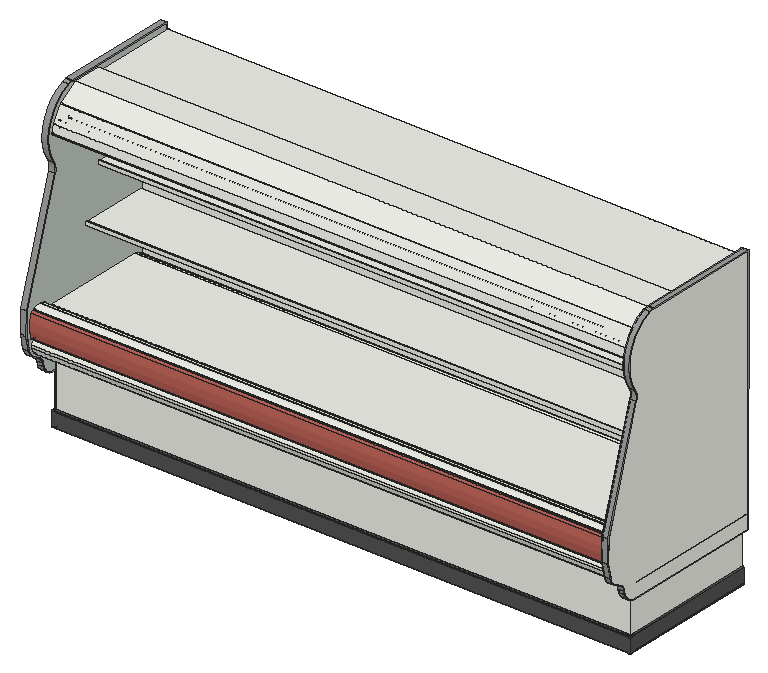
Revit family "IM3SL_2014", category Specialty Equipment, Revit 2014 (continued)
Automatic sketch dimensions
  plane 5 "Front" to Extrusion 11 sketch curve = 13.99064"
  Extrusion 11 sketch curve to Extrusion 11 sketch curve = 2.86001"
  Extrusion 11 sketch curve to plane 1 "Back" = 0.00022"
  Extrusion 11 sketch curve to Extrusion 11 sketch curve = 6.93315"
  Extrusion 11 sketch curve to Extrusion 11 sketch curve = 0.91726"
  Extrusion 11 sketch curve to Extrusion 11 sketch curve = 5.58401"
  Extrusion 11 sketch curve to Extrusion 11 sketch curve = 3.08725"
  Extrusion 11 sketch curve to Extrusion 11 sketch curve = 0.67817"
  Extrusion 11 sketch curve to Extrusion 11 sketch curve = 0.65923"
  Extrusion 11 sketch curve to Extrusion 11 sketch curve = 1.88555"
  Extrusion 11 sketch curve to Extrusion 11 sketch curve = 0.17314"
  Extrusion 11 sketch curve to Extrusion 11 sketch curve = 0.94959"
  Extrusion 11 sketch curve to Extrusion 11 sketch curve = 0.04799"  (x2)
  Extrusion 11 sketch curve to plane 3 "Top" = 0.19127"
  Extrusion 11 sketch curve to Extrusion 11 sketch curve = 0"
  Extrusion 12 sketch curve to level = 0"
  level to Extrusion 12 sketch curve = 0.05694"  (x2)
  Extrusion 12 sketch curve to Extrusion 12 sketch curve = 0.01499"
  Extrusion 12 sketch curve to Extrusion 12 sketch curve = 0.015"  (x6)
  Extrusion 12 sketch curve to Extrusion 12 sketch curve = 0.3059"  (x2)
  Extrusion 12 sketch curve to Extrusion 12 sketch curve = 0"  (x4)
  plane 1 "Back" to Extrusion 12 sketch curve = 0.90695"
  Extrusion 12 sketch curve to Extrusion 12 sketch curve = 2.24331"
  Extrusion 12 sketch curve to Extrusion 12 sketch curve = 0.30587"
  plane 1 "Back" to Extrusion 12 sketch curve = 2.18755"
  Extrusion 12 sketch curve to Extrusion 12 sketch curve = 0.05699"  (x3)
  plane 1 "Back" to Extrusion 12 sketch curve = 0.92196"
  plane 1 "Back" to Extrusion 12 sketch curve = 0.9069"
  Extrusion 12 sketch curve to Extrusion 12 sketch curve = 0.01326"
  Extrusion 12 sketch curve to Extrusion 12 sketch curve = 0.01232"
  level to Sweep 13 sketch curve = 12.75926"
  Sweep 13 sketch curve to Sweep 13 sketch curve = 0.04799"
  plane 5 "Front" to Sweep 13 sketch curve = 5.00006"
  Sweep 13 sketch curve to Sweep 13 sketch curve = 2.22351"
  Sweep 13 sketch curve to Sweep 13 sketch curve = 0.17314"
  Sweep 13 sketch curve to Sweep 13 sketch curve = 0.77644"
  plane 5 "Front" to Sweep 13 sketch curve = 4.74561"
  Sweep 13 sketch curve to Sweep 13 sketch curve = 0.94959"
  plane 5 "Front" to Sweep 13 sketch curve = 3.23118"
  Sweep 13 sketch curve to Sweep 13 sketch curve = 1.88555"
  plane 5 "Front" to Sweep 13 sketch curve = 1.96256"
  Sweep 13 sketch curve to Sweep 13 sketch curve = 0.65923"
  plane 5 "Front" to Sweep 13 sketch curve = 0.42357"
  Sweep 13 sketch curve to Sweep 13 sketch curve = 1.98382"
  Sweep 13 sketch curve to Sweep 13 sketch curve = 2.66199"
  Sweep 13 sketch curve to plane 5 "Front" = 0.45027"
  Sweep 13 sketch curve to Sweep 13 sketch curve = 3.76543"
  Sweep 13 sketch curve to plane 5 "Front" = 0.21923"
  Sweep 13 sketch curve to Sweep 13 sketch curve = 5.58401"
  Sweep 13 sketch curve to Sweep 13 sketch curve = 0.91726"
  plane 3 "Top" to Sweep 13 sketch curve = 9.74184"
  plane 3 "Top" to Sweep 13 sketch curve = 2.80869"
  Sweep 13 sketch curve to plane 3 "Top" = 0.19127"
  Sweep 13 sketch curve to plane 1 "Back" = 0.00022"
  Sweep 13 sketch curve to plane 3 "Top" = 0.23926"
  plane 5 "Front" to Sweep 13 sketch curve = 16.85065"
  Sweep 13 sketch curve to Sweep 13 sketch curve = 2.86001"
  plane 5 "Front" to Sweep 13 sketch curve = 8.51193"
  Sweep 13 sketch curve to Sweep 13 sketch curve = 2.85628"
  Sweep 13 sketch curve to Sweep 13 sketch curve = 0"
  Sweep 13 sketch curve to profile plane = 0"
  Sweep 13 sketch curve to profile plane = 1/16"
  Sweep 14 sketch curve to plane 5 "Front" = 0.45027"
  Sweep 14 sketch curve to plane 5 "Front" = 0.21923"
  plane 5 "Front" to Sweep 14 sketch curve = 0.42357"
  plane 5 "Front" to Sweep 14 sketch curve = 1.84788"
  plane 5 "Front" to Sweep 14 sketch curve = 1.96256"
  Sweep 14 sketch curve to Sweep 14 sketch curve = 1.26861"
  Sweep 14 sketch curve to Sweep 14 sketch curve = 1.3833"
  Sweep 14 sketch curve to Sweep 14 sketch curve = 1.51444"
  Sweep 14 sketch curve to Sweep 14 sketch curve = 0.25444"
  plane 5 "Front" to Sweep 14 sketch curve = 5.65565"
  Sweep 14 sketch curve to Sweep 14 sketch curve = 2.89773"
  Sweep 14 sketch curve to Sweep 14 sketch curve = 2.85628"
  plane 3 "Top" to Sweep 14 sketch curve = 2.80869"
  plane 5 "Front" to Sweep 14 sketch curve = 13.99064"
  Sweep 14 sketch curve to Sweep 14 sketch curve = 2.86001"
  Sweep 14 sketch curve to plane 1 "Back" = 0.00022"
  Sweep 14 sketch curve to Sweep 14 sketch curve = 6.93315"
  Sweep 14 sketch curve to Sweep 14 sketch curve = 0.91726"
  Sweep 14 sketch curve to Sweep 14 sketch curve = 5.58401"
  Sweep 14 sketch curve to Sweep 14 sketch curve = 3.08725"
  Sweep 14 sketch curve to Sweep 14 sketch curve = 0.67817"
  Sweep 14 sketch curve to Sweep 14 sketch curve = 0.65923"
  Sweep 14 sketch curve to Sweep 14 sketch curve = 1.88555"
  Sweep 14 sketch curve to Sweep 14 sketch curve = 0.17314"
  Sweep 14 sketch curve to Sweep 14 sketch curve = 0.94959"
  level to Sweep 14 sketch curve = 12.75926"
  Sweep 14 sketch curve to plane 3 "Top" = 0.19127"
  Sweep 14 sketch curve to plane 3 "Top" = 0.23926"
  Sweep 14 sketch curve to Sweep 14 sketch curve = 0"
  Extrusion 6 sketch curve to Extrusion 6 sketch curve = 3.77695"
  Sweep 14 sketch curve to Sweep 14 sketch curve = 0.04799"
  plane 12 to Extrusion 8 sketch curve = 3.04661"
  plane 12 to Extrusion 9 sketch curve = 3.04661"
  plane 12 to Extrusion 10 sketch curve = 3.04661"
  plane 12 to Extrusion 11 sketch curve = 3.04661"
  plane 12 to Sweep 13 sketch curve = 3.04661"
  plane 12 to Sweep 14 sketch curve = 3.04661"
  Extrusion 6 sketch curve to plane 13 = 17.53757"
  Extrusion 7 sketch curve to plane 13 = 14.59392"
  Extrusion 10 sketch curve to plane 13 = 12.14162"
  Extrusion 11 sketch curve to plane 13 = 12.14162"
  curve 5 to curve 5 = 1 1/2"
  curve 7 to curve 6 = 1 1/2"
  Sweep 14 sketch curve to profile plane = 0"
  Sweep 14 sketch curve to Sweep 14 sketch curve = 1/16"
  curve 10 to plane 1 "Back" = 0"
  plane 3 "Top" to curve 9 = 1.15775"
  plane 3 "Top" to curve 13 = 9.74184"
  curve 11 to plane 3 "Top" = 0.30176"
  curve 8 to plane 1 "Back" = 0.06272"
  plane 5 "Front" to curve 12 = 6.28831"
  curve 14 to plane 3 "Top" = 0.30176"
  curve 16 to plane 3 "Top" = 0.30176"
  Sweep 15 sketch curve to plane 7 = 1 1/2"  (x2)
  Sweep 16 sketch curve to plane 4 "Left" = 0"
  plane 1 "Back" to Sweep 16 sketch curve = 0"  (x2)
  Sweep 16 sketch curve to plane 9 "Right" = 0"
  Sweep 16 sketch curve to plane 14 = 0"
  Sweep 16 sketch curve to profile plane = 0"  (x2)
  Sweep 16 sketch curve to Sweep 16 sketch curve = 0.07201"
  Sweep 16 sketch curve to Sweep 16 sketch curve = 0.02945"  (x2)
  level to Sweep 16 sketch curve = 0.04909"  (x2)
  Sweep 16 sketch curve to Sweep 16 sketch curve = 0.06856"
  Sweep 16 sketch curve to Sweep 16 sketch curve = 0.19844"
  level to Sweep 16 sketch curve = 0.00579"
  Sweep 16 sketch curve to Sweep 16 sketch curve = 0.075"
  profile plane to Sweep 16 sketch curve = 0.43901"
  Sweep 16 sketch curve to Sweep 16 sketch curve = 0.025"
  Sweep 16 sketch curve to Sweep 16 sketch curve = 2.06695"
  Sweep 16 sketch curve to Sweep 16 sketch curve = 1.552"
  Sweep 16 sketch curve to Sweep 16 sketch curve = 0.28357"
  Sweep 16 sketch curve to Sweep 16 sketch curve = 0.0404"
  Sweep 16 sketch curve to profile plane = 0.035"
  profile plane to Sweep 15 sketch curve = 0.015"
  profile plane to Sweep 15 sketch curve = 0.97797"
  Sweep 15 sketch curve to Sweep 15 sketch curve = 0.015"
  Sweep 15 sketch curve to Sweep 15 sketch curve = 0.01"
  Sweep 15 sketch curve to Sweep 15 sketch curve = 0.035"  (x2)
  Sweep 15 sketch curve to profile plane = 0.01"
  Sweep 15 sketch curve to Sweep 15 sketch curve = 0.00866"  (x2)
  Sweep 15 sketch curve to Sweep 15 sketch curve = 0.58772"
  Sweep 15 sketch curve to Sweep 15 sketch curve = 0.65813"
  level to Sweep 15 sketch curve = 3.97362"
  Sweep 15 sketch curve to Sweep 15 sketch curve = 11.30799"
  Extrusion 1 sketch curve to Extrusion 1 sketch curve = 0"  (x2)
  Extrusion 2 sketch curve to Extrusion 2 sketch curve = 0"
  Extrusion 3 sketch curve to Extrusion 3 sketch curve = 0"
  curve 2 to plane 5 "Front" = 0"
  plane 1 "Back" to curve 2 = 0"
  plane 1 "Back" to curve 1 = 0"
  Extrusion 4 sketch curve to level = 11.7566"
  plane 1 "Back" to Extrusion 4 sketch curve = 3.95541"
  level to Extrusion 4 sketch curve = 10 169/256"
  Extrusion 4 sketch curve to Extrusion 4 sketch curve = 0"  (x12)
  Extrusion 4 sketch curve to Extrusion 4 sketch curve = 0.07846"  (x2)
  Extrusion 4 sketch curve to Extrusion 4 sketch curve = 0.0915"  (x2)
  plane 1 "Back" to Extrusion 4 sketch curve = 7.3132"
  Extrusion 4 sketch curve to Extrusion 4 sketch curve = 0.11409"  (x4)
  Extrusion 4 sketch curve to Extrusion 4 sketch curve = 0.3124"  (x2)
  Extrusion 4 sketch curve to Extrusion 4 sketch curve = 2.52622"
  Extrusion 4 sketch curve to Extrusion 4 sketch curve = 2.5272"
  Extrusion 4 sketch curve to Extrusion 4 sketch curve = 0.0782"
  Extrusion 4 sketch curve to Extrusion 4 sketch curve = 0.49982"
  plane 1 "Back" to Extrusion 4 sketch curve = 2.3523"
  Extrusion 4 sketch curve to Extrusion 4 sketch curve = 0.49985"
  plane 1 "Back" to Extrusion 4 sketch curve = 2.34818"
  Extrusion 4 sketch curve to Extrusion 4 sketch curve = 0.23583"
  Extrusion 4 sketch curve to Extrusion 4 sketch curve = 0.52116"
  plane 1 "Back" to Extrusion 4 sketch curve = 2.31152"
  Extrusion 4 sketch curve to Extrusion 4 sketch curve = 0.80809"
  Extrusion 4 sketch curve to Extrusion 4 sketch curve = 0.58286"
  Extrusion 4 sketch curve to Extrusion 4 sketch curve = 0.01194"
  plane 14 to Extrusion 4 sketch curve = 8.1517"
  Extrusion 4 sketch curve to Extrusion 4 sketch curve = 0.14194"
  plane 14 to Extrusion 4 sketch curve = 0.20743"
  Extrusion 4 sketch curve to Extrusion 4 sketch curve = 1.34234"
  Extrusion 4 sketch curve to plane 14 = 1.19465"
  Extrusion 4 sketch curve to Extrusion 4 sketch curve = 0.44472"
  plane 1 "Back" to Extrusion 4 sketch curve = 0.37598"
  Extrusion 4 sketch curve to Extrusion 4 sketch curve = 1.94194"
  Extrusion 4 sketch curve to plane 14 = 1.06714"
  Extrusion 4 sketch curve to plane 1 "Back" = 0.00024"
  Extrusion 4 sketch curve to Extrusion 4 sketch curve = 0.87437"
  plane 5 "Front" to Extrusion 4 sketch curve = 1.67321"
  plane 5 "Front" to Extrusion 4 sketch curve = 1.54733"
  Extrusion 4 sketch curve to Extrusion 4 sketch curve = 0.13725"
  Extrusion 4 sketch curve to Extrusion 4 sketch curve = 0.11112"
  plane 5 "Front" to Extrusion 4 sketch curve = 0.99088"
  Extrusion 4 sketch curve to Extrusion 4 sketch curve = 1.29663"
  Extrusion 4 sketch curve to Extrusion 4 sketch curve = 0.31491"
  Extrusion 4 sketch curve to Extrusion 4 sketch curve = 0.12087"
  Extrusion 4 sketch curve to Extrusion 4 sketch curve = 1.1665"
  Extrusion 4 sketch curve to Extrusion 4 sketch curve = 0.2971"
  Extrusion 4 sketch curve to Extrusion 4 sketch curve = 0.25387"
  Extrusion 4 sketch curve to Extrusion 4 sketch curve = 0.82994"
  Extrusion 4 sketch curve to Extrusion 4 sketch curve = 0.95321"
  plane 5 "Front" to Extrusion 4 sketch curve = 1.76109"
  plane 3 "Top" to Extrusion 4 sketch curve = 9.42108"
  Extrusion 4 sketch curve to plane 14 = 0.75628"
  Extrusion 4 sketch curve to Extrusion 4 sketch curve = 0.17869"
  Extrusion 4 sketch curve to plane 14 = 0.27159"
  Extrusion 4 sketch curve to Extrusion 4 sketch curve = 0.03284"
  Extrusion 4 sketch curve to plane 14 = 0.84949"
  Extrusion 4 sketch curve to Extrusion 4 sketch curve = 0.04198"
  Extrusion 4 sketch curve to Extrusion 4 sketch curve = 0.12446"  (x2)
  Extrusion 4 sketch curve to Extrusion 4 sketch curve = 0.09161"
  Extrusion 4 sketch curve to plane 14 = 0.1356"
  Extrusion 4 sketch curve to Extrusion 4 sketch curve = 0.12504"
  Extrusion 4 sketch curve to plane 14 = 1.22494"
  Extrusion 4 sketch curve to Extrusion 4 sketch curve = 0.42434"
  Extrusion 4 sketch curve to Extrusion 4 sketch curve = 0.08247"
  Extrusion 4 sketch curve to plane 14 = 1.25324"
  Extrusion 4 sketch curve to Extrusion 4 sketch curve = 0.10943"
  plane 14 to Extrusion 4 sketch curve = 0.12486"
  Extrusion 4 sketch curve to Extrusion 4 sketch curve = 0.8113"
  plane 14 to Extrusion 4 sketch curve = 0.07378"
  Extrusion 4 sketch curve to Extrusion 4 sketch curve = 0.04661"
  Extrusion 4 sketch curve to Extrusion 4 sketch curve = 0.50849"
  plane 14 to Extrusion 4 sketch curve = 0.15919"
  Extrusion 4 sketch curve to Extrusion 4 sketch curve = 0.09358"
  plane 14 to Extrusion 4 sketch curve = 0.2735"
  Extrusion 4 sketch curve to Extrusion 4 sketch curve = 0.21955"
  Extrusion 4 sketch curve to plane 14 = 0.19675"
  plane 14 to Extrusion 4 sketch curve = 0.37988"
  Extrusion 4 sketch curve to Extrusion 4 sketch curve = 0.50364"
  plane 14 to Extrusion 4 sketch curve = 0.45801"
  Extrusion 4 sketch curve to Extrusion 4 sketch curve = 0.28136"
  Extrusion 4 sketch curve to Extrusion 4 sketch curve = 0.04755"
  Extrusion 4 sketch curve to Extrusion 4 sketch curve = 0.13868"
  Extrusion 4 sketch curve to Extrusion 4 sketch curve = 0.12387"
  plane 14 to Extrusion 4 sketch curve = 0.11245"
  Extrusion 4 sketch curve to Extrusion 4 sketch curve = 0.17661"
  Extrusion 4 sketch curve to Extrusion 4 sketch curve = 0.06247"  (x3)
  Extrusion 4 sketch curve to Extrusion 4 sketch curve = 0.16378"
  Extrusion 4 sketch curve to plane 14 = 0.8265"
  Extrusion 4 sketch curve to Extrusion 4 sketch curve = 0.04475"
  Extrusion 4 sketch curve to Extrusion 4 sketch curve = 0.21669"
  Extrusion 4 sketch curve to plane 14 = 0.80035"
  Extrusion 4 sketch curve to Extrusion 4 sketch curve = 0.0642"
  Extrusion 4 sketch curve to Extrusion 4 sketch curve = 0.24945"
  Extrusion 4 sketch curve to Extrusion 4 sketch curve = 0.27448"
  plane 14 to Extrusion 4 sketch curve = 0.50077"
  Extrusion 4 sketch curve to Extrusion 4 sketch curve = 0.00005"
  Extrusion 4 sketch curve to Extrusion 4 sketch curve = 0.12496"
  plane 3 "Top" to Extrusion 4 sketch curve = 6.10847"
  plane 3 "Top" to Extrusion 4 sketch curve = 5.96627"
  Extrusion 4 sketch curve to Extrusion 4 sketch curve = 1.20962"
  Extrusion 4 sketch curve to Extrusion 4 sketch curve = 1.00556"
  Extrusion 4 sketch curve to Extrusion 4 sketch curve = 1.77814"
  Extrusion 4 sketch curve to Extrusion 4 sketch curve = 0.01086"
  plane 14 to Extrusion 4 sketch curve = 1.52753"
  Extrusion 4 sketch curve to Extrusion 4 sketch curve = 3.28994"
  Extrusion 4 sketch curve to Extrusion 4 sketch curve = 1.16531"
  plane 14 to Extrusion 4 sketch curve = 1.35425"
  Extrusion 4 sketch curve to Extrusion 4 sketch curve = 0.11777"
  plane 14 to Extrusion 4 sketch curve = 1.55161"
  Extrusion 4 sketch curve to Extrusion 4 sketch curve = 0.52533"
  plane 1 "Back" to Extrusion 4 sketch curve = 0.10044"
  plane 3 "Top" to Extrusion 4 sketch curve = 1.25843"
  plane 3 "Top" to Extrusion 4 sketch curve = 1.22849"
  plane 3 "Top" to Extrusion 4 sketch curve = 0.12427"
  Extrusion 4 sketch curve to Extrusion 4 sketch curve = 1.10332"
  Extrusion 4 sketch curve to Extrusion 4 sketch curve = 0.35041"
  plane 1 "Back" to Extrusion 4 sketch curve = 6.51002"
  Extrusion 4 sketch curve to Extrusion 4 sketch curve = 0.02842"
  Extrusion 4 sketch curve to Extrusion 4 sketch curve = 0.12713"  (x2)
  plane 1 "Back" to Extrusion 4 sketch curve = 12.19429"
  Extrusion 4 sketch curve to Extrusion 4 sketch curve = 9.27972"
  Extrusion 4 sketch curve to Extrusion 4 sketch curve = 11.83567"
  Extrusion 4 sketch curve to Extrusion 4 sketch curve = 1.13303"
  Extrusion 4 sketch curve to Extrusion 4 sketch curve = 2.26951"
  Extrusion 4 sketch curve to Extrusion 4 sketch curve = 1.85695"
  Extrusion 4 sketch curve to Extrusion 4 sketch curve = 1.24241"
  Extrusion 4 sketch curve to Extrusion 4 sketch curve = 0.09405"
  Extrusion 4 sketch curve to Extrusion 4 sketch curve = 0.0456"
  Extrusion 4 sketch curve to Extrusion 4 sketch curve = 3.61229"
  Extrusion 4 sketch curve to Extrusion 4 sketch curve = 0.42412"
  Extrusion 4 sketch curve to Extrusion 4 sketch curve = 0.90273"
  Extrusion 4 sketch curve to Extrusion 4 sketch curve = 2.22579"
  Extrusion 4 sketch curve to Extrusion 4 sketch curve = 1.38803"
  Extrusion 4 sketch curve to Extrusion 4 sketch curve = 1.19775"
  Extrusion 4 sketch curve to Extrusion 4 sketch curve = 0.62143"
  Extrusion 4 sketch curve to Extrusion 4 sketch curve = 0.00109"
  Extrusion 4 sketch curve to Extrusion 4 sketch curve = 0.49561"
  Extrusion 4 sketch curve to Extrusion 4 sketch curve = 0.81275"
  Extrusion 4 sketch curve to Extrusion 4 sketch curve = 0.43738"
  Extrusion 4 sketch curve to Extrusion 4 sketch curve = 0.3129"
  Extrusion 4 sketch curve to Extrusion 4 sketch curve = 0.08424"
  Extrusion 4 sketch curve to Extrusion 4 sketch curve = 0.08673"
  Extrusion 4 sketch curve to Extrusion 4 sketch curve = 2.50467"
  Extrusion 4 sketch curve to Extrusion 4 sketch curve = 0.47535"
  Extrusion 4 sketch curve to Extrusion 4 sketch curve = 0.10484"
  Extrusion 4 sketch curve to Extrusion 4 sketch curve = 0.11703"
  Extrusion 4 sketch curve to Extrusion 4 sketch curve = 0.05706"
  plane 5 "Front" to Extrusion 4 sketch curve = 1.55087"
  Extrusion 4 sketch curve to Extrusion 4 sketch curve = 0.04366"
  Extrusion 4 sketch curve to Extrusion 4 sketch curve = 0.38307"
  plane 5 "Front" to Extrusion 4 sketch curve = 1.56552"
  Extrusion 4 sketch curve to Extrusion 4 sketch curve = 0.44117"
  plane 14 to Extrusion 4 sketch curve = 0.14859"
  Extrusion 4 sketch curve to Extrusion 4 sketch curve = 0.04419"
  Extrusion 4 sketch curve to Extrusion 4 sketch curve = 0.04421"
  Extrusion 4 sketch curve to Extrusion 4 sketch curve = 0.04364"
  Extrusion 4 sketch curve to Extrusion 4 sketch curve = 0.00725"
  Extrusion 4 sketch curve to Extrusion 4 sketch curve = 0.04925"
  Extrusion 4 sketch curve to Extrusion 4 sketch curve = 0.04345"
  Extrusion 4 sketch curve to Extrusion 4 sketch curve = 0.04947"
  Extrusion 4 sketch curve to Extrusion 4 sketch curve = 0.00847"
  Extrusion 4 sketch curve to Extrusion 4 sketch curve = 0.01251"
  plane 5 "Front" to Extrusion 4 sketch curve = 3.671"
  Extrusion 4 sketch curve to Extrusion 4 sketch curve = 0.07093"  (x2)
  Extrusion 4 sketch curve to Extrusion 4 sketch curve = 0.01045"  (x2)
  Extrusion 4 sketch curve to plane 14 = 4.00012"
  Extrusion 4 sketch curve to Extrusion 4 sketch curve = 0.13414"
  Extrusion 4 sketch curve to Extrusion 4 sketch curve = 0.00031"
  Extrusion 4 sketch curve to Extrusion 4 sketch curve = 0.01969"
  Extrusion 4 sketch curve to plane 14 = 3.03531"
  Extrusion 4 sketch curve to Extrusion 4 sketch curve = 0.90538"
  Extrusion 4 sketch curve to Extrusion 4 sketch curve = 0.05124"
  Extrusion 4 sketch curve to Extrusion 4 sketch curve = 0.05015"
  Extrusion 4 sketch curve to Extrusion 4 sketch curve = 0.03926"
  Extrusion 4 sketch curve to plane 14 = 2.85735"
  Extrusion 4 sketch curve to Extrusion 4 sketch curve = 0.92897"
  Extrusion 4 sketch curve to plane 14 = 2.5301"
  Extrusion 4 sketch curve to Extrusion 4 sketch curve = 0.02863"
  Extrusion 4 sketch curve to plane 14 = 1.74815"
  Extrusion 4 sketch curve to Extrusion 4 sketch curve = 0.09982"
  Extrusion 4 sketch curve to Extrusion 4 sketch curve = 0.95723"
  Extrusion 4 sketch curve to Extrusion 4 sketch curve = 1.8916"
  Extrusion 4 sketch curve to Extrusion 4 sketch curve = 4.68904"
  Extrusion 4 sketch curve to Extrusion 4 sketch curve = 0.28874"
  Extrusion 4 sketch curve to Extrusion 4 sketch curve = 0.06888"
  Extrusion 4 sketch curve to Extrusion 4 sketch curve = 0.02969"
  Extrusion 4 sketch curve to Extrusion 4 sketch curve = 1.09255"
  Extrusion 4 sketch curve to Extrusion 4 sketch curve = 0.10724"
  Extrusion 4 sketch curve to Extrusion 4 sketch curve = 0.10056"
  Extrusion 4 sketch curve to Extrusion 4 sketch curve = 0.24892"
  Extrusion 4 sketch curve to Extrusion 4 sketch curve = 0.43851"
  Extrusion 4 sketch curve to Extrusion 4 sketch curve = 131/256"
  Extrusion 4 sketch curve to Extrusion 4 sketch curve = 0.00091"
  Extrusion 4 sketch curve to Extrusion 4 sketch curve = 2.16648"
  Extrusion 4 sketch curve to Extrusion 4 sketch curve = 1.0598"
  Extrusion 4 sketch curve to Extrusion 4 sketch curve = 0.05088"
  Extrusion 4 sketch curve to Extrusion 4 sketch curve = 1.22687"
  Extrusion 4 sketch curve to Extrusion 4 sketch curve = 7.99139"
  plane 14 to Extrusion 4 sketch curve = 10.13974"
  Extrusion 4 sketch curve to Extrusion 4 sketch curve = 0.40241"
  Extrusion 4 sketch curve to Extrusion 4 sketch curve = 2.47976"
  Extrusion 4 sketch curve to Extrusion 4 sketch curve = 1.49078"
  Extrusion 5 sketch curve to Extrusion 5 sketch curve = 0.14609"
  Extrusion 5 sketch curve to Extrusion 5 sketch curve = 0.54892"
  plane 5 "Front" to Extrusion 5 sketch curve = 1.56552"
  Extrusion 5 sketch curve to Extrusion 5 sketch curve = 0.44117"
  Extrusion 5 sketch curve to Extrusion 5 sketch curve = 0.64362"
  plane 14 to Extrusion 5 sketch curve = 0.89759"
  Extrusion 5 sketch curve to Extrusion 5 sketch curve = 2.24577"
  Extrusion 5 sketch curve to plane 13 = 19.06508"
  Extrusion 5 sketch curve to Extrusion 5 sketch curve = 4.42149"
Nested families (in)
  nested 1: "Light" at (-5.05699, -24.43168, 15.62854), type "Light"
    with Length 144 1/2"
  nested 2: "Shelf" at (0, -7.808, 49.25), visible <- "Shelf", type "14""
    with Width 144 1/2", Depth 14"
  nested 3: "Shelf" at (0, -7.808, 37.25), visible <- "Shelf", type "18""
    with Width 144 1/2", Depth 18"
  nested 4: "Light" at (-5.05699, -12.19998, 1.25), visible <- "Shelf Lights", type "Light"
    with Length 144 1/2"
  nested 5: "Light" at (-5.05699, -16.19998, -10.75), visible <- "Shelf Lights", type "Light"
    with Length 144 1/2"
  nested 6: "Floor Support-IM3SL" at (-79.31656, -2.25969, 0), type "Side Skid"
  nested 7: "Floor Support-IM3SL" at (16.89844, -2.25969, 0), visible <- "12 Case", type "Mid Skid"
  nested 8: "Floor Support-IM3SL" at (60.86344, -2.25969, 0), type "Side Skid"
  nested 9: "Floor Support-IM3SL" at (-31.10156, -2.25969, 0), visible <- "12 Case", type "Mid Skid"
  nested 10: "Floor Support-IM3SL" at (-7.10156, -2.25969, 0), visible <- "8 Case", type "Mid Skid"
  nested 11: "Floor Support-IM3SL" at (-7.10156, -2.25969, 0), visible <- "6 Case", type "Mid Skid"
Connectors (in)
  piping at (-4.99449, -33.5, 0), diameter 1.25, driven by "Waste Drain"
    settings: on Extrusion 1, index 8, connector inside diameter 1 1/4", connector length 0", flow factor 0, pipe flow 0 GPM, pressure drop 0.00 psi, fitting loss kfactor 0, connector angle 0.00°, fixture units 0, engagement length 0", angle of deflection 0.00°, flow configuration 0, flow direction 0, fitting loss method 0, system type 16, joint type 0, gender type 0, connector reference index -1, connector utility 0, adjustable connector no, is connector primary yes, connector description "1 1/4\""
  piping at (58.13051, -29, 0), diameter 0.875, driven by "Refrig. Suction", driven by "Refrigeration Lines Suction"
    settings: on Extrusion 2, index 9, connector inside diameter 7/8", connector length 0", flow factor 0, pipe flow 0 GPM, pressure drop 0.00 psi, fitting loss kfactor 0, connector angle 0.00°, fixture units 0, engagement length 0", angle of deflection 0.00°, flow configuration 0, flow direction 2, fitting loss method 0, system type 22, joint type 0, gender type 0, connector reference index -1, connector utility 0, adjustable connector no, is connector primary no, connector description "Suction"
  piping at (58.75551, -29, 0), diameter 0.375, driven by "Refrig. Liquid", driven by "Refrigeration Lines Liquid"
    settings: on Extrusion 3, index 10, connector inside diameter 3/8", connector length 0", flow factor 0, pipe flow 0 GPM, pressure drop 0.00 psi, fitting loss kfactor 0, connector angle 0.00°, fixture units 0, engagement length 0", angle of deflection 0.00°, flow configuration 0, flow direction 1, fitting loss method 0, system type 22, joint type 0, gender type 0, connector reference index -1, connector utility 0, adjustable connector no, is connector primary no, connector description "Liquid"
Definition of nested family "Shelf"
  Parameters (values of type "Shelf")
    Width = 24"
    URL = "www.hussmann.com"
    Type Comments = "Shelf"
    Shelves = Sheet Metal (Steel Painted) - 700 Interior White
    Model = ""
    Manufacturer = "Hussmann Corporation"
    Height = 5"
    Description = ""
    Depth = 20"
    Assembly Code = ""
    Accessories/Options = ""
  Reference planes (in)
    plane 1 "Back": y = 0
    plane 2 "Bottom": z = 0
    plane 3 "Left": x = -77.30699
    plane 4 "Right": x = -53.30699
    plane 5 "Front": y = -20
    plane 6 "Center (Left/Right)": x = -65.30699
    plane 7: z = 5
  Forms (in)
    Extrusion 1, solid, material "Sheet Metal (Steel Painted) - 700 Interior White" <- "Shelves"
      sketch origin (-77.30699, 7.75, -64.26162) x (0, 1, 0) y (0, 0, 1)
        loop
          line (-7.75, 64.26162) -> (-7.75, 68.01162) -> (-8.5, 68.01162) -> (-8.5, 69.01162) -> (-27.5, 69.01162) -> (-27.5, 69.26162) -> (-27.75, 69.26162) -> (-27.75, 68.26162) -> (-27.5, 68.26162) -> (-27.5, 68.76162) -> (-26, 68.76162) -> (-26, 68.51162) -> (-13.81963, 68.51162) -> (-7.75, 64.26162)
      from 0 to 24
  Dimensions and locks (in)
    "Width": plane 4 "Right" to plane 3 "Left"
    equal spacing: plane 4 "Right", plane 6 "Center (Left/Right)", plane 3 "Left"
    "Depth": plane 1 "Back" to plane 5 "Front"
    "Height": level to plane 7
    aligned and locked: Extrusion 1 to plane 3 "Left"
    aligned and locked: plane 4 "Right" to Extrusion 1
  Automatic sketch dimensions
    Extrusion 1 sketch curve to plane 5 "Front" = 0"
    Extrusion 1 sketch curve to plane 1 "Back" = 0"
    plane 5 "Front" to Extrusion 1 sketch curve = 1/4"  (x2)
    Extrusion 1 sketch curve to Extrusion 1 sketch curve = 1 1/2"
    plane 1 "Back" to Extrusion 1 sketch curve = 6.06963"
    plane 1 "Back" to Extrusion 1 sketch curve = 3/4"
    Extrusion 1 sketch curve to Extrusion 1 sketch curve = 3 3/4"
    Extrusion 1 sketch curve to Extrusion 1 sketch curve = 1/2"  (x2)
    Extrusion 1 sketch curve to Extrusion 1 sketch curve = 1"
    Extrusion 1 sketch curve to Extrusion 1 sketch curve = 1/4"
    Extrusion 1 sketch curve to Extrusion 1 sketch curve = 3/4"
    Extrusion 1 sketch curve to level = 0"
Definition of nested family "Floor Support-IM3SL"
  Parameters (values of type "Mid Skid")
    Width = 8 1/2"
    URL = "www.hussmann.com"
    Type Comments = ""
    Revit Family Date = "11/19/2015"  # constant formula
    Model = ""
    Manufacturer = "Hussmann Corporation"
    Height = 13.68672"
    Floor Support = Stainless Steel
    Description = ""
    Depth = 32.56749"
    Assembly Code = ""
    Accessories/Options = ""
  Types (2): name | Width | Height
    Mid Skid | 8 1/2" | 13.68672"
    Side Skid | 4 1/4" | 13.68728"
  Reference planes (in)
    plane 1 "Back": y = 0
    plane 2 "Bottom": z = 0
    plane 3 "Top": z = 13.68672
    plane 4 "Right": x = 6.29458
    plane 5 "Front": y = -32.56749
    plane 6 "Left": x = -2.20542
    plane 7 "Center (Left/Right)": x = 2.04458
  Forms (in)
    Extrusion 1, solid, material "Stainless Steel" <- "Floor Support"
      sketch origin (6.29458, 0, 0) x (0, 1, 0) y (0, 0, 1)
        loop
          line (-24.58703, 2.76917) -> (-25.45624, 2.76917) -> (-32.5929, 1.11003) -> (-32.5929, 0.15512) -> (-32.5929, -0.00086) -> (0, -0.00086) -> (-0.00031, 13.68728) -> (-0.10126, 13.68728) -> (-1.19594, 13.68725)
          arc (-1.19594, 13.68725) -> (-1.54938, 13.54084) -> (-1.69578, 13.1874) r 0.49985
          line (-1.69578, 13.1874) -> (-1.69555, 3.27721) -> (-3.56169, 1.41099) -> (-19.39881, 1.41063) -> (-21.17954, 3.19127) -> (-22.77523, 13.26461)
          arc (-22.77523, 13.26461) -> (-22.9443, 13.5665) -> (-23.26893, 13.68625) r 0.49985
          line (-23.26893, 13.68625) -> (-24.48632, 13.68623) -> (-24.58727, 13.68622) -> (-24.58703, 2.76917)
      from -8.5 to 0
  Dimensions and locks (in)
    "Width": plane 6 "Left" to plane 4 "Right"
    "Depth": plane 5 "Front" to plane 1 "Back"
    "Height": plane 3 "Top" to level
    equal spacing: plane 6 "Left", plane 7 "Center (Left/Right)", plane 4 "Right"
    aligned and locked: Extrusion 1 to plane 6 "Left"
    aligned and locked: plane 4 "Right" to Extrusion 1
    aligned and locked: plane 6 "Left" to Extrusion 1
    aligned and locked: Extrusion 1 to plane 4 "Right"
  Automatic sketch dimensions
    plane 3 "Top" to Extrusion 1 sketch curve = 0.0005"
    plane 5 "Front" to Extrusion 1 sketch curve = 7.98021"
    plane 5 "Front" to Extrusion 1 sketch curve = 7 251/256"
    Extrusion 1 sketch curve to Extrusion 1 sketch curve = 0.10095"
    plane 3 "Top" to Extrusion 1 sketch curve = 0.00047"
    Extrusion 1 sketch curve to Extrusion 1 sketch curve = 1.21739"
    Extrusion 1 sketch curve to Extrusion 1 sketch curve = 0"
    plane 3 "Top" to Extrusion 1 sketch curve = 0.42211"
    Extrusion 1 sketch curve to Extrusion 1 sketch curve = 0.49369"
    level to Extrusion 1 sketch curve = 3.19127"
    Extrusion 1 sketch curve to Extrusion 1 sketch curve = 1.78072"
    level to Extrusion 1 sketch curve = 1.41099"
    level to Extrusion 1 sketch curve = 1.41063"
    Extrusion 1 sketch curve to Extrusion 1 sketch curve = 1.86622"
    Extrusion 1 sketch curve to plane 1 "Back" = 0"
    plane 3 "Top" to Extrusion 1 sketch curve = 0.49933"
    Extrusion 1 sketch curve to plane 3 "Top" = 0.00053"
    Extrusion 1 sketch curve to Extrusion 1 sketch curve = 0.49984"
    plane 3 "Top" to Extrusion 1 sketch curve = 0.49932"
    Extrusion 1 sketch curve to plane 3 "Top" = 0.00055"
    plane 1 "Back" to Extrusion 1 sketch curve = 0.10126"
    plane 1 "Back" to Extrusion 1 sketch curve = 0.00031"
    Extrusion 1 sketch curve to plane 5 "Front" = 0.02541"
    Extrusion 1 sketch curve to level = 0.00086"
    level to Extrusion 1 sketch curve = 0.15512"
    Extrusion 1 sketch curve to Extrusion 1 sketch curve = 0.95491"
    Extrusion 1 sketch curve to Extrusion 1 sketch curve = 0.86921"
    Extrusion 1 sketch curve to Extrusion 1 sketch curve = 5.18822"
    level to Extrusion 1 sketch curve = 2.76917"
    Extrusion 1 sketch curve to Extrusion 1 sketch curve = 1.59451"
    plane 1 "Back" to Extrusion 1 sketch curve = 3.56169"
    plane 1 "Back" to Extrusion 1 sketch curve = 1.69555"
Definition of nested family "Light"
  Parameters (values of type "Light")
    Wattage = 16.1571 W
    built-in parameter 1150110 = 1 (stored number, unit not read)
    built-in parameter 1114217 = 1 (stored number, unit not read)
    built-in parameter 1150109 = 1 (stored number, unit not read)
    built-in parameter 1150134 = (empty or 0)
    built-in parameter 1150113 = 1 (stored number, unit not read)
    Lumens = 2400 lm
    built-in parameter 1150115 = 1 (stored number, unit not read)
    built-in parameter 1150105 = 763.94 (stored number, unit not read)
    Light Source Symbol Size = 24"
    built-in parameter 1150137 = (empty or 0)
    built-in parameter 1150139 = (empty or 0)
    Lense = none
    Length = 24"
    built-in parameter 1150112 = 1 (stored number, unit not read)
    built-in parameter 1150114 = 1 (stored number, unit not read)
    built-in parameter 1150132 = 2
    built-in parameter 1150102 = (empty or 0)
    built-in parameter 1150138 = (empty or 0)
    built-in parameter 1150107 = 6100 (stored number, unit not read)
    built-in parameter 1150106 = 7.6394 (stored number, unit not read)
    Emit from Line Length = Length  # 24"
    built-in parameter 1150104 = 13.8 (stored number, unit not read)
    Dimming Lamp Color Temperature Shift = (empty or 0)
    Color Filter = 16777215
    Casing = none
    built-in parameter 1114218 = 1 (stored number, unit not read)
    built-in parameter 1150133 = 10 (stored number, unit not read)
  Reference planes (in)
    plane 1 "Light Source Axis (F/B)": y = -8.60801
    plane 2: z = 0
    plane 3 "Light Source Axis (L/R)": x = 0
    plane 4 "Light Source Elevation": z = 52.5
    plane 5: z = 0
    plane 6 "Left": x = -12
    plane 7 "Right": x = 12
  Lines and regions (in)
    model lines
      curve 1: line (-12, -8.60801, 52.5) -> (12, -8.60801, 52.5)
  Dimensions and locks (in)
    equal spacing: plane 7 "Right", plane 3 "Light Source Axis (L/R)", plane 6 "Left"
    "Length": plane 7 "Right" to plane 6 "Left"
    aligned and locked: plane 3 "Light Source Axis (L/R)" to imposter light
    aligned and locked: plane 1 "Light Source Axis (F/B)" to imposter light
    aligned and locked: plane 4 "Light Source Elevation" to imposter light
    aligned and locked: level to plane 5
  Automatic sketch dimensions
    plane 1 "Light Source Axis (F/B)" to curve 1 = 0"
    curve 1 to plane 6 "Left" = 0"
    curve 1 to plane 7 "Right" = 0"
Types (5): name | Width | Waste Drain Location | Total Weight | Number of Supports | Case Weight | 8 Case | 6 Case | 12 Case
  (no name) | 144 1/2" | 72 3/16" | 1550.00 lbf | 4 | 1400.00 lbf | no | no | yes
  12'-0" Length | 144 1/2" | 72 3/16" | 1550.00 lbf | 4 | 1400.00 lbf | no | no | yes
  8'-0" Length | 96 1/4" | 24 1/8" | 1200.00 lbf | 3 | 1050.00 lbf | no | yes | no
  6'-0" Length | 72 1/4" | 24 1/8" | 1050.00 lbf | 3 | 900.00 lbf | yes | no | no
  4'-0" Length | 48 1/8" | 24 1/8" | 650.00 lbf | 2 | 500.00 lbf | no | no | no
